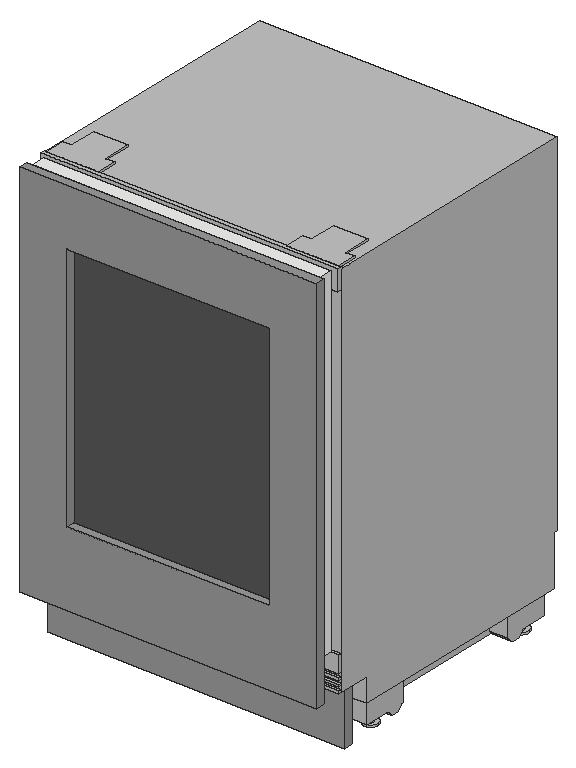
Revit family "FP-Revit19-en-RS2435V2RT1-RS2435V2R1-RS2435SBLT1-RS2435SBL1-IntegratedRefrigerator-0-90003380B-US-CA", category Specialty Equipment, Revit 2020
Family settings
  Round Connector Dimension = Use Diameter
  Part Type = Normal
  OmniClass Number = 23.40.40.11.11
  OmniClass Title = Refrigerators and Freezers
  Work Plane-Based = No
  Always vertical = Yes
  Cut with Voids When Loaded = Yes
  Shared = No
  Room Calculation Point = No
Parameters (values of type "RS2435V2RT1 - Stainless Steel Panel 29 7/8"")
  Visibility - Toe Kick Panel [instance] = yes
  Visibility - Clearance Required RH [instance] = yes
  Visibility - Clearance Required LH [instance] = no
  URL = "www.fisherpaykel.com"
  Minimum Visual Toeckick [instance] = 15 mm
  Stainless Steel Door Panel (with window) [instance] = yes
  Panel - Height = 759 mm
  Panel - Width [instance] = 592 mm
  Panel - Thickness [instance] = 18 mm
  Stainless Steel Door Panel (no window) [instance] = no
  Product - Width = 592 mm  # constant formula
  Product - Height [instance] = ([Cavity - Height (864mm - 920mm)])  # 864 mm
  Product - Depth (exl front panel) = 579 mm  # constant formula
  Model = "RS2435V2RT1"
  Material - Door Structure = Fisher & Paykel - White
  Material - Door Front [instance] = Fisher & Paykel - Stainless Steel
  Material - Body = Fisher & Paykel - Grey
  Manufacturer = "Fisher & Paykel Appliances"
  Handle Style - Professional Round Flush (AHP3RD09) [instance] = no
  Handle Style - Contemporary Square Fine Black (AHD5RD09B) [instance] = no
  Handle Style - Contemporary Square Fine (AHD5RD09) [instance] = no
  Handle Style - Contemporary Round (AHSRD09) [instance] = no
  Handle Style - Classic Round (AHCLRD09) [instance] = no
  Handle Offset = 529 mm
  Description = "24\" Integrated Wine Cabinet"
  Depth of toe kick (excl. door and toe kick panels) [instance] = 70 mm
  Default Elevation = 0 mm
  Custom panel - Height (761mm Minimum) [instance] = 858 mm
  Custom door panel (with window) [instance] = no
  Custom door panel (no window) [instance] = no
  Connector Description - Electrical = "120 V, 60 Hz, 10 A circuit"
  Cavity - Width = 600 mm  # constant formula
  Cavity - Height (864mm - 920mm) [instance] = 864 mm
  Cavity - Depth (600mm min with services external) = 600 mm
Types (13, lengths in mm): name | Visibility - Clearance Required RH | Visibility - Clearance Required LH | Stainless Steel Door Panel (with window) | Panel - Height | Stainless Steel Door Panel (no window) | Product - Height | Model | Material - Door Front | Handle Offset | Description | Custom door panel (with window) | Custom door panel (no window) | Cavity - Height (864mm - 920mm)
  (no name) | yes | no | yes | 759 | no | 864 | "RS2435V2RT1" | Fisher & Paykel - Stainless Steel | 529 | "24\" Integrated Wine Cabinet" | no | no | 864
  RS2435V2RT1 - Stainless Steel Panel 30 3/8" | yes | no | yes | 771 | no | 876 | "RS2435V2RT1" | Fisher & Paykel - Stainless Steel | 529 | "24\" Integrated Wine Cabinet" | no | no | 876
  RS2435BL1 - Stainless Steel Panel 30 3/8" | no | yes | no | 771 | yes | 876 | "RS2435BL1" | Fisher & Paykel - Stainless Steel | 62.95 | "24\" Integrated Beverage Centre" | no | no | 876
  RS2435V2R1 - Stainless Steel Panel 30 3/8" | yes | no | no | 771 | yes | 876 | "RS2435V2R1" | Fisher & Paykel - Stainless Steel | 529 | "24\" Integrated Wine Cabinet" | no | no | 876
  RS2435BLT1 - Stainless Steel Panel 30 3/8" | no | yes | yes | 771 | no | 876 | "RS2435BLT1" | Fisher & Paykel - Stainless Steel | 62.95 | "24\" Integrated Beverage Centre" | no | no | 876
  RS2435BL1 - Custom Door Panel | no | yes | no | 771 | no | 876 | "RS2435BL1" | Oak, White | 62.95 | "24\" Integrated Beverage Centre" | no | yes | 876
  RS2435BLT1 - Custom Door Panel | no | yes | no | 771 | no | 876 | "RS2435BLT1" | Oak, White | 62.95 | "24\" Integrated Beverage Centre" | yes | no | 876
  RS2435V2R1 - Custom Door Panel | yes | no | no | 771 | no | 876 | "RS2435V2R1" | Oak, White | 529 | "24\" Integrated Wine Cabinet" | no | yes | 876
  RS2435V2RT1 - Custom Door Panel | yes | no | no | 771 | no | 876 | "RS2435V2RT1" | Oak, White | 529 | "24\" Integrated Wine Cabinet" | yes | no | 876
  RS2435BL1 - Stainless Steel Panel 29 7/8" | no | yes | no | 759 | yes | 864 | "RS2435BL1" | Fisher & Paykel - Stainless Steel | 62.95 | "24\" Integrated Beverage Centre" | no | no | 864
  RS2435BLT1 - Stainless Steel Panel 29 7/8" | no | yes | yes | 759 | no | 864 | "RS2435BLT1" | Fisher & Paykel - Stainless Steel | 62.95 | "24\" Integrated Beverage Centre" | no | no | 864
  RS2435V2R1 - Stainless Steel Panel 29 7/8" | yes | no | no | 759 | yes | 864 | "RS2435V2R1" | Fisher & Paykel - Stainless Steel | 529 | "24\" Integrated Wine Cabinet" | no | no | 864
  RS2435V2RT1 - Stainless Steel Panel 29 7/8" | yes | no | yes | 759 | no | 864 | "RS2435V2RT1" | Fisher & Paykel - Stainless Steel | 529 | "24\" Integrated Wine Cabinet" | no | no | 864
Reference planes
  plane 1 "Datum": y = 0
  plane 2: z = 0
  plane 3 "Center (Left/Right)": x = 0
  plane 4 "Product LHS": x = -296
  plane 5 "Product RHS": x = 296
  plane 6 "Cavity LHS": x = -300
  plane 7 "Cavity RHS": x = 300
  plane 8 "Cavity - Depth": y = 582
  plane 9 "Cavity Height": z = 864
  plane 10 "Panel Thickness": y = -18
  plane 11 "Base": z = 9.3
  plane 12 "Top of Panel": z = 861
  plane 13 "Product - Depth": y = 579
  plane 14 "handle - offset": x = -233
  plane 15 "Handle - Centre": z = 491
  plane 16 "Bottom of Panel": z = 102
  plane 17: y = 52
  plane 18: y = 70
  plane 19: x = 296
  plane 20: x = -296
  plane 21: z = 873
  plane 22: z = 112
  plane 23: z = 15
  plane 24: z = 3
Forms (mm)
  Extrusion 1, solid, material "Fisher & Paykel - Grey" <- "Material - Body"
    sketch origin (0, 0, 0) x (0, 1, 0) y (0, 0, 1)
      loop
        line (105, 57.3) -> (571, 57.3) -> (571, 157) -> (579, 157) -> (579, 861) -> (43, 861) -> (43, 105) -> (105, 105) -> (105, 57.3)
    from -296 to 296
  Extrusion 2, solid, material "Fisher & Paykel - Grey" <- "Material - Body"
    sketch origin (0, 0, 0) x (1, 0, 0) y (0, 0, 1)
      loop
        circle (87.01, 26.007) r 5
    from -579 to -571
  Extrusion 3, solid, material "Fisher & Paykel - Stainless Steel" <- "Material - Door Front", visible <- "Stainless Steel Door Panel (no window)"
    sketch origin (0, 0, 21.503) x (0, 1, 0) y (0, 0, 1)
      loop
        line (-18, 839.497) -> (-18, 80.497) -> (0, 80.497) -> (0, 839.497) -> (-18, 839.497)
    from -296 to 296
  Extrusion 4, solid, material "Fisher & Paykel - White" <- "Material - Door Structure"
    sketch origin (0, 0, 0) x (1, 0, 0) y (0, 1, 0)
      loop
        line (-286, 29) -> (-286, 1.5) -> (286, 1.5) -> (286, 29) -> (-286, 29)
    from 178.7 to 859.7
  Extrusion 5, solid, material "Fisher & Paykel - White" <- "Material - Door Structure"
    sketch origin (0, 0, 0) x (1, 0, 0) y (0, 1, 0)
      loop
        line (-275, 43) -> (-275, 29) -> (275, 29) -> (275, 43) -> (-275, 43)
    from 179 to 824
  Extrusion 6, solid, material "Fisher & Paykel - Clearance Required", visible <- "Visibility - Clearance Required LH", detail levels coarse
    sketch origin (0, -8.858, 0) x (1, 0, 0) y (0, 1, 0)
      loop
        line (296, -9.142) -> (300, -9.142) -> (300, 590.858) -> (-300, 590.858) -> (-300, -9.142) -> (-539.267, -524.083)
        arc (-539.267, -524.083) -> (23.116, -501.405) -> (296, -9.142) r 574.255
    from 0 to 864
  Extrusion 7, solid, material "Fisher & Paykel - Grey" <- "Material - Body", detail levels fine
    sketch origin (0, 0, 0) x (0, 1, 0) y (0, 0, 1)
      loop
        line (36, 173.6) -> (36, 140.3) -> (43, 140.3) -> (43, 173.6) -> (36, 173.6)
      loop
        line (36, 132.3) -> (36, 128.3) -> (43, 128.3) -> (43, 132.3) -> (36, 132.3)
      loop
        line (36, 109) -> (36, 105) -> (43, 105) -> (43, 109) -> (36, 109)
      loop
        line (36, 120.65) -> (36, 116.65) -> (43, 116.65) -> (43, 120.65) -> (36, 120.65)
      loop
        line (33.9, 864) -> (33.9, 824) -> (43, 824) -> (43, 864) -> (33.9, 864)
    from -296 to 296
  Extrusion 8, solid, material "Fisher & Paykel - Grey" <- "Material - Body"
    sketch origin (0, 0, 0) x (0, 1, 0) y (0, 0, 1)
      loop
        line (105, 57.3) -> (105, 9.3) -> (571, 9.3) -> (571, 57.3) -> (105, 57.3)
    from -256 to 256
  Extrusion 9, solid, material "Fisher & Paykel - Stainless Steel" <- "Material - Door Front", visible <- "Visibility - Toe Kick Panel"
    sketch origin (0, 0, 0) x (0, 1, 0) y (0, 0, 1)
      loop
        line (52, 104.303) -> (52, 0) -> (70, 0) -> (70, 104.303) -> (52, 104.303)
    from -296 to 296
  Extrusion 10, solid, material "Fisher & Paykel - Grey" <- "Material - Body"
    sketch origin (0, 0, 0) x (1, 0, 0) y (0, 1, 0)
      loop
        circle (276, 517.6) r 14.483
      loop
        circle (276, 140.6) r 14.5
      loop
        circle (-276, 517.6) r 14.483
      loop
        circle (-276, 140.6) r 14.5
    from 0 to 3
  Extrusion 11, solid, material "Fisher & Paykel - Grey" <- "Material - Body"
    sketch origin (0, 0, 0) x (1, 0, 0) y (0, 1, 0)
      loop
        circle (276, 517.6) r 5
      loop
        circle (276, 140.6) r 5
      loop
        circle (-276, 517.6) r 5
      loop
        circle (-276, 140.6) r 5
    from 3 to 57.3
  Extrusion 12, solid, material "Fisher & Paykel - Grey" <- "Material - Body", detail levels fine
    sketch origin (0, 0, 0) x (0, 1, 0) y (0, 0, 1)
      loop
        line (70, 65) -> (105, 65) -> (105, 105) -> (70, 105) -> (70, 65)
    from 224 to 226
  Extrusion 13, solid, material "Fisher & Paykel - Grey" <- "Material - Body", detail levels fine
    sketch origin (0, 0, 0) x (0, 1, 0) y (0, 0, -1)
      loop
        line (70, -65) -> (70, -105) -> (105, -105) -> (105, -65) -> (70, -65)
    from 224 to 226
  Extrusion 14, void
    sketch origin (0, 1000, 0) x (1, 0, 0) y (0, 1, 0)
      loop
        line (-300, -418) -> (-300, -1018) -> (300, -1018) -> (300, -418) -> (-300, -418)
    from 0 to 864
  Extrusion 15, solid, material "Fisher & Paykel - Stainless Steel" <- "Material - Door Front", visible <- "Stainless Steel Door Panel (with window)"
    sketch origin (0, 0, -1.5) x (1, 0, 0) y (0, 0, 1)
      loop
        line (-296, 862.5) -> (-296, 103.5) -> (296, 103.5) -> (296, 862.5) -> (-296, 862.5)
      loop
        line (201.95, 253.5) -> (201.95, 749.5) -> (-202, 749.5) -> (-202, 253.5) -> (201.95, 253.5)
    from 0 to 18
  Extrusion 16, solid, material "Fisher & Paykel - Black", visible <- "Stainless Steel Door Panel (with window)"
    sketch origin (0, 0, 0) x (1, 0, 0) y (0, 0, 1)
      loop
        line (201.95, 748) -> (-202, 748) -> (-202, 252) -> (201.95, 252) -> (201.95, 748)
    from 0 to 1
  Extrusion 17, solid, material "Fisher & Paykel - Grey" <- "Material - Body", detail levels medium+fine
    sketch origin (0, 0, 0) x (0, 1, 0) y (0, 0, 1)
      loop
        line (199.6, 57.3) -> (109.6, 57.3) -> (109.6, 16.3) -> (161.9, 16.3)
        arc (161.9, 16.3) -> (179.6, 4.207) -> (197.3, 16.3) r 19
        line (197.3, 16.3) -> (199.6, 16.3) -> (199.6, 57.3)
      loop
        line (460.6, 57.3) -> (460.6, 16.3) -> (462.9, 16.3)
        arc (462.9, 16.3) -> (480.6, 4.207) -> (498.3, 16.3) r 19
        line (498.3, 16.3) -> (550.6, 16.3) -> (550.6, 57.3) -> (460.6, 57.3)
    from 256 to 293
  Extrusion 18, solid, material "Fisher & Paykel - Clearance Required", visible <- "Visibility - Clearance Required RH", detail levels coarse
    sketch origin (0, -8.858, 0) x (-1, 0, 0) y (0, -1, 0)
      loop
        arc (296, 9.142) -> (23.116, 501.405) -> (-539.267, 524.083) r 574.255
        line (-539.267, 524.083) -> (-300, 9.142) -> (-300, -590.858) -> (300, -590.858) -> (300, 9.142) -> (296, 9.142)
    from 0 to 864
  Extrusion 19, solid, material "Fisher & Paykel - Grey" <- "Material - Body"
    sketch origin (0, 0, 0) x (0, 1, 0) y (0, 0, -1)
      loop
        line (199.6, -57.3) -> (199.6, -16.3) -> (197.3, -16.3)
        arc (197.3, -16.3) -> (179.6, -4.207) -> (161.9, -16.3) r 19
        line (161.9, -16.3) -> (109.6, -16.3) -> (109.6, -57.3) -> (199.6, -57.3)
      loop
        line (460.6, -57.3) -> (550.6, -57.3) -> (550.6, -16.3) -> (498.3, -16.3)
        arc (498.3, -16.3) -> (480.6, -4.207) -> (462.9, -16.3) r 19
        line (462.9, -16.3) -> (460.6, -16.3) -> (460.6, -57.3)
    from 256 to 293
  Extrusion 20, solid, material "Fisher & Paykel - Grey" <- "Material - Body"
    sketch origin (0, 0, 864) x (1, 0, 0) y (0, 1, 0)
      loop
        line (-273, 137) -> (-273, 83) -> (-291, 83) -> (-291, 43) -> (-187, 43) -> (-187, 83) -> (-205, 83) -> (-205, 137) -> (-273, 137)
      loop
        line (273, 137) -> (205, 137) -> (205, 83) -> (187, 83) -> (187, 43) -> (291, 43) -> (291, 83) -> (273, 83) -> (273, 137)
    from -3 to 0
  Extrusion 21, solid, material "Fisher & Paykel - Stainless Steel" <- "Material - Door Front", visible <- "Custom door panel (no window)"
    sketch origin (0, 0, -1.5) x (-1, 0, 0) y (0, 0, 1)
      loop
        line (296, 4.5) -> (296, 862.5) -> (-296, 862.5) -> (-296, 4.5) -> (296, 4.5)
    from 0 to -18
  Extrusion 22, solid, material "Fisher & Paykel - Stainless Steel" <- "Material - Door Front", visible <- "Custom door panel (with window)"
    sketch origin (287.4, 1.5, 0) x (-1, 0, 0) y (0, 0, -1)
      loop
        line (-8.6, -3) -> (-8.6, -861) -> (583.4, -861) -> (583.4, -3) -> (-8.6, -3)
      loop
        line (489.4, -748) -> (489.4, -252) -> (85.45, -252) -> (85.45, -748) -> (489.4, -748)
    from 0 to 19.5
  Extrusion 23, void
    sketch origin (223.05, -1524, 15) x (-1, 0, 0) y (0, -1, 0)
      loop
        line (519.05, -1506) -> (-72.95, -1506) -> (-72.95, -1524) -> (519.05, -1524) -> (519.05, -1506)
    from 0 to -15
Cuts and joins
  joined: Extrusion 1, Extrusion 8, Extrusion 20
  Extrusion 23 cuts Extrusion 21
  Extrusion 23 cuts Extrusion 22
Lines and regions (mm)
  model lines, style "Fisher & Paykel", detail levels coarse
    curve 1: line (-296, 579, 864) -> (296, 579, 864)
    curve 2: line (-296, 0, 864) -> (-296, 579, 864)
    curve 3: line (296, 0, 864) -> (-296, 0, 864)
    curve 4: line (296, 579, 864) -> (296, 0, 864)
Text (mm)
  text "Due to ongoing product development, product details are subject to change without notice. \nPlease always refer to www.fisherpaykel.com for the most current product information. \n© Fisher & Paykel 2020" at (41.04, -678.295, 0), in view "Ref. Level (Plan)"
Dimensions and locks
  equal spacing: plane 4 "Product LHS", plane 3 "Center (Left/Right)", plane 5 "Product RHS"
  "Product - Width": plane 4 "Product LHS" to plane 5 "Product RHS"
  equal spacing: plane 6 "Cavity LHS", plane 3 "Center (Left/Right)", plane 7 "Cavity RHS"
  "Cavity - Width": plane 6 "Cavity LHS" to plane 7 "Cavity RHS"
  Extrusion 2 sketch curve to plane 5 "Product RHS" = 208.99 mm
  "Panel - Thickness": plane 17 to Extrusion 9
  "Depth of toe kick (excl. door and toe kick panels)": plane 1 "Datum" to Extrusion 9
  "Panel - Thickness": plane 10 "Panel Thickness" to plane 1 "Datum"
  locked: Extrusion 9 to cut or joined group of Extrusion 1, Extrusion 8, Extrusion 20 at 0.697
  equal spacing: Extrusion 3, plane 3 "Center (Left/Right)", Extrusion 3
  "Cavity - Depth (600mm min with services external)": plane 10 "Panel Thickness" to plane 8 "Cavity - Depth"
  equal spacing: Extrusion 15, plane 3 "Center (Left/Right)", Extrusion 15
  locked: cut or joined group of Extrusion 1, Extrusion 8, Extrusion 20 to plane 9 "Cavity Height" at 3  (x2)
  locked: Extrusion 4 to plane 9 "Cavity Height" at 4.3
  locked: Extrusion 5 to plane 9 "Cavity Height" at 40
  locked: cut or joined group of Extrusion 1, Extrusion 8, Extrusion 20 to plane 11 "Base" at 95.7
  "Product - Depth (exl front panel)": plane 1 "Datum" to plane 13 "Product - Depth"
  "Handle Offset": plane 14 "handle - offset" to plane 5 "Product RHS"
  locked: plane 9 "Cavity Height" to plane 11 "Base" at 854.7
  "Cavity - Height (864mm - 920mm)": plane 9 "Cavity Height" to level
  locked: Extrusion 4 to plane 9 "Cavity Height" at 685.3
  locked: Extrusion 5 to plane 9 "Cavity Height" at 685
  locked: plane 9 "Cavity Height" to Extrusion 7 at 690.4
  plane 15 "Handle - Centre" to plane 12 "Top of Panel" = 370 mm
  plane 12 "Top of Panel" to plane 9 "Cavity Height" = 3 mm
  locked: plane 12 "Top of Panel" to Extrusion 15 at 113
  Extrusion 16 to plane 3 "Center (Left/Right)" to Extrusion 16 = 202 mm locked, 201.95 mm locked
  locked: Extrusion 15 to Extrusion 15 at 496
  "Panel - Height": plane 16 "Bottom of Panel" to plane 12 "Top of Panel"
  locked: Extrusion 20 sketch curve to Extrusion 20 sketch curve at 104  (x2)
  locked: plane 11 "Base" to cut or joined group of Extrusion 1, Extrusion 8, Extrusion 20 at 48
  locked: cut or joined group of Extrusion 1, Extrusion 8, Extrusion 20 to plane 13 "Product - Depth" at 474
  "Panel - Width": plane 20 to plane 19
  plane 21 to plane 22 = 761 mm
  "Minimum Visual Toeckick": plane 23 to Extrusion 18
  "Custom panel - Height (761mm Minimum)": plane 12 "Top of Panel" to plane 24
  radius of Extrusion 2 sketch curve = 5 mm
  aligned and locked: level to plane 2
  aligned and locked: Extrusion 1 to plane 5 "Product RHS"
  aligned and locked: plane 4 "Product LHS" to Extrusion 1
  aligned and locked: Extrusion 2 to cut or joined group of Extrusion 1, Extrusion 8, Extrusion 20
  aligned and locked: Extrusion 8 to plane 11 "Base"
  aligned and locked: Extrusion 12 to cut or joined group of Extrusion 1, Extrusion 8, Extrusion 20  (x2)
  aligned and locked: Extrusion 12 to Extrusion 13
  aligned and locked: plane 6 "Cavity LHS" to Extrusion 14
  aligned and locked: Extrusion 14 to plane 7 "Cavity RHS"
  aligned and locked: Extrusion 14 to plane 9 "Cavity Height"
  aligned and locked: Extrusion 14 to level
  aligned and locked: plane 10 "Panel Thickness" to Extrusion 14
  aligned and locked: plane 8 "Cavity - Depth" to Extrusion 14
  aligned and locked: plane 10 "Panel Thickness" to nested 4
  aligned and locked: Extrusion 5 to Extrusion 4
  aligned and locked: Extrusion 15 to plane 1 "Datum"
  aligned and locked: plane 10 "Panel Thickness" to Extrusion 15
  aligned and locked: Extrusion 15 to plane 12 "Top of Panel"
  aligned and locked: Extrusion 3 to plane 12 "Top of Panel"
  aligned and locked: Extrusion 14 to Extrusion 7
  aligned and locked: Extrusion 7 to Extrusion 5
  aligned and locked: Extrusion 15 to Extrusion 16 sketch curve
  aligned and locked: Extrusion 16 to plane 1 "Datum"
  aligned and locked: Extrusion 1 sketch curve to plane 13 "Product - Depth"
  aligned and locked: plane 14 "handle - offset" to nested 4
  aligned and locked: plane 14 "handle - offset" to nested 3
  aligned and locked: plane 14 "handle - offset" to nested 1
  aligned and locked: plane 14 "handle - offset" to nested 2
  aligned and locked: nested 2 to plane 15 "Handle - Centre"
  aligned and locked: nested 4 to plane 15 "Handle - Centre"
  aligned and locked: nested 3 to plane 15 "Handle - Centre"
  aligned and locked: Extrusion 6 to plane 9 "Cavity Height"
  aligned and locked: nested 1 to plane 15 "Handle - Centre"
  aligned and locked: Extrusion 18 to plane 9 "Cavity Height"
  aligned and locked: Extrusion 19 sketch curve to Extrusion 19 sketch curve
  aligned and locked: Extrusion 18 sketch curve to plane 6 "Cavity LHS"
  aligned and locked: Extrusion 18 sketch curve to plane 8 "Cavity - Depth"
  aligned and locked: plane 7 "Cavity RHS" to Extrusion 18 sketch curve
  aligned and locked: Extrusion 6 to plane 7 "Cavity RHS"
  aligned and locked: plane 8 "Cavity - Depth" to Extrusion 6
  aligned and locked: plane 6 "Cavity LHS" to Extrusion 6
  aligned and locked: Extrusion 16 to Extrusion 15  (x2)
  aligned and locked: Extrusion 12 to Extrusion 9
  aligned and locked: Extrusion 13 to Extrusion 9
  aligned and locked: nested 5 to plane 15 "Handle - Centre"
  aligned and locked: plane 14 "handle - offset" to nested 5
  aligned and locked: plane 16 "Bottom of Panel" to Extrusion 15
  aligned and locked: plane 16 "Bottom of Panel" to Extrusion 3
  aligned and locked: Extrusion 3 to Extrusion 20
  aligned and locked: Extrusion 20 to plane 9 "Cavity Height"
  aligned and locked: Extrusion 11 to cut or joined group of Extrusion 1, Extrusion 8, Extrusion 20
  aligned and locked: Extrusion 17 to cut or joined group of Extrusion 1, Extrusion 8, Extrusion 20  (x2)
  aligned and locked: Extrusion 19 to cut or joined group of Extrusion 1, Extrusion 8, Extrusion 20
  aligned and locked: Extrusion 19 sketch curve to Extrusion 17
  aligned and locked: Extrusion 1 to Extrusion 8
  aligned and locked: Extrusion 13 to cut or joined group of Extrusion 1, Extrusion 8, Extrusion 20
  aligned and locked: plane 10 "Panel Thickness" to nested 2
  aligned and locked: plane 10 "Panel Thickness" to nested 3
  aligned and locked: plane 14 "handle - offset" to nested 6
  aligned and locked: plane 10 "Panel Thickness" to nested 6
  aligned and locked: nested 6 to plane 15 "Handle - Centre"
  aligned and locked: plane 10 "Panel Thickness" to nested 1
  aligned and locked: plane 10 "Panel Thickness" to nested 5
  aligned and locked: cut or joined group of Extrusion 1, Extrusion 8, Extrusion 20 to cut or joined group of Extrusion 1, Extrusion 8, Extrusion 20
  aligned and locked: Extrusion 1 to Extrusion 20  (x2)
  aligned and locked: Extrusion 21 sketch curve to Extrusion 15  (x3)
  aligned and locked: Extrusion 22 sketch curve to Extrusion 15  (x5)
  aligned and locked: Extrusion 22 sketch curve to Extrusion 16
  aligned and locked: Extrusion 14 to Extrusion 22
  aligned and locked: plane 24 to cut or joined group of Extrusion 22, Extrusion 23
  aligned and locked: Extrusion 21 sketch curve to plane 24
  aligned and locked: Extrusion 22 sketch curve to plane 24
Automatic sketch dimensions
  Extrusion 3 sketch curve to plane 10 "Panel Thickness" = 0 mm
  Extrusion 3 sketch curve to plane 1 "Datum" = 0 mm
  plane 12 "Top of Panel" to Extrusion 3 sketch curve = 0 mm
  Extrusion 4 sketch curve to plane 1 "Datum" = 1.5 mm
  Extrusion 4 sketch curve to plane 4 "Product LHS" = 10 mm
  plane 5 "Product RHS" to Extrusion 4 sketch curve = 10 mm
  Extrusion 4 sketch curve to Extrusion 4 sketch curve = 27.5 mm
  Extrusion 5 sketch curve to plane 4 "Product LHS" = 21 mm
  plane 5 "Product RHS" to Extrusion 5 sketch curve = 21 mm
  Extrusion 5 sketch curve to plane 1 "Datum" = 29 mm
  Extrusion 5 sketch curve to Extrusion 5 sketch curve = 14 mm
  plane 9 "Cavity Height" to Extrusion 7 sketch curve = 0 mm
  Extrusion 7 sketch curve to plane 1 "Datum" = 33.9 mm
  Extrusion 7 sketch curve to plane 1 "Datum" = 36 mm
  Extrusion 7 sketch curve to Extrusion 7 sketch curve = 0 mm  (x3)
  Extrusion 7 sketch curve to Extrusion 7 sketch curve = 7 mm  (x4)
  Extrusion 7 sketch curve to Extrusion 7 sketch curve = 9.1 mm
  plane 12 "Top of Panel" to Extrusion 7 sketch curve = 37 mm
  Extrusion 7 sketch curve to Extrusion 7 sketch curve = 33.3 mm
  Extrusion 7 sketch curve to Extrusion 7 sketch curve = 8 mm
  Extrusion 7 sketch curve to Extrusion 7 sketch curve = 4 mm  (x3)
  Extrusion 7 sketch curve to Extrusion 7 sketch curve = 7.65 mm  (x2)
  Extrusion 8 sketch curve to plane 11 "Base" = 0 mm
  Extrusion 8 sketch curve to plane 1 "Datum" = 105 mm
  Extrusion 8 sketch curve to plane 13 "Product - Depth" = 8 mm
  Extrusion 9 sketch curve to level = 0 mm
  Extrusion 9 sketch curve to plane 1 "Datum" = 52 mm
  Extrusion 9 sketch curve to Extrusion 9 sketch curve = 18 mm
  Extrusion 10 sketch curve to plane 4 "Product LHS" = 20 mm  (x2)
  plane 5 "Product RHS" to Extrusion 10 sketch curve = 20 mm  (x2)
  Extrusion 10 sketch curve to plane 1 "Datum" = 140.6 mm  (x2)
  Extrusion 10 sketch curve to plane 13 "Product - Depth" = 61.4 mm  (x2)
  Extrusion 11 sketch curve to plane 4 "Product LHS" = 20 mm  (x2)
  plane 5 "Product RHS" to Extrusion 11 sketch curve = 20 mm  (x2)
  Extrusion 11 sketch curve to plane 1 "Datum" = 140.6 mm  (x2)
  Extrusion 11 sketch curve to plane 13 "Product - Depth" = 61.4 mm  (x2)
  Extrusion 12 sketch curve to plane 1 "Datum" = 70 mm
  Extrusion 12 sketch curve to Extrusion 12 sketch curve = 35 mm
  Extrusion 13 sketch curve to plane 1 "Datum" = 70 mm
  Extrusion 13 sketch curve to Extrusion 13 sketch curve = 35 mm
  Extrusion 14 sketch curve to plane 6 "Cavity LHS" = 0 mm
  Extrusion 14 sketch curve to plane 7 "Cavity RHS" = 0 mm
  plane 10 "Panel Thickness" to Extrusion 14 sketch curve = 0 mm
  Extrusion 14 sketch curve to plane 8 "Cavity - Depth" = 0 mm
  Extrusion 18 sketch curve to plane 4 "Product LHS" = 0 mm
  plane 10 "Panel Thickness" to Extrusion 18 sketch curve = 0 mm  (x2)
  plane 7 "Cavity RHS" to Extrusion 18 sketch curve = 239.267 mm
  Extrusion 18 sketch curve to plane 10 "Panel Thickness" = 3.437 mm
  Extrusion 18 sketch curve to plane 5 "Product RHS" = 17.755 mm
  Extrusion 6 sketch curve to plane 6 "Cavity LHS" = 0 mm
  Extrusion 6 sketch curve to plane 5 "Product RHS" = 0 mm
  Extrusion 6 sketch curve to plane 7 "Cavity RHS" = 0 mm
  plane 10 "Panel Thickness" to Extrusion 6 sketch curve = 0 mm  (x2)
  Extrusion 6 sketch curve to plane 8 "Cavity - Depth" = 0 mm
  plane 10 "Panel Thickness" to Extrusion 6 sketch curve = 3.437 mm
  Extrusion 6 sketch curve to plane 4 "Product LHS" = 17.755 mm
  plane 6 "Cavity LHS" to Extrusion 6 sketch curve = 239.267 mm
  Extrusion 16 sketch curve to plane 4 "Product LHS" = 94 mm
  Extrusion 16 sketch curve to plane 14 "handle - offset" = 434.95 mm
  plane 4 "Product LHS" to Extrusion 15 sketch curve = 0 mm
  plane 5 "Product RHS" to Extrusion 15 sketch curve = 0 mm
  plane 12 "Top of Panel" to Extrusion 15 sketch curve = 0 mm
  Extrusion 15 sketch curve to plane 4 "Product LHS" = 94 mm
  Extrusion 15 sketch curve to plane 14 "handle - offset" = 434.95 mm
  plane 12 "Top of Panel" to Extrusion 15 sketch curve = 113 mm
  plane 11 "Base" to Extrusion 3 sketch curve = 92.7 mm
  plane 11 "Base" to Extrusion 7 sketch curve = 164.3 mm
  Extrusion 8 sketch curve to Extrusion 8 sketch curve = 48 mm
  plane 11 "Base" to Extrusion 9 sketch curve = 95.003 mm
  plane 11 "Base" to Extrusion 12 sketch curve = 55.7 mm
  Extrusion 12 sketch curve to Extrusion 12 sketch curve = 40 mm
  plane 11 "Base" to Extrusion 13 sketch curve = 95.7 mm
  Extrusion 13 sketch curve to Extrusion 13 sketch curve = 40 mm
  plane 15 "Handle - Centre" to Extrusion 15 sketch curve = 239 mm
  plane 11 "Base" to Extrusion 15 sketch curve = 92.7 mm
  plane 15 "Handle - Centre" to Extrusion 16 sketch curve = 239 mm
  Extrusion 20 sketch curve to plane 4 "Product LHS" = 5 mm
  Extrusion 20 sketch curve to Extrusion 20 sketch curve = 18 mm  (x3)
  plane 5 "Product RHS" to Extrusion 20 sketch curve = 23 mm
  Extrusion 20 sketch curve to plane 1 "Datum" = 43 mm  (x2)
  Extrusion 20 sketch curve to Extrusion 20 sketch curve = 40 mm  (x4)
  Extrusion 20 sketch curve to Extrusion 20 sketch curve = 54 mm  (x2)
  plane 5 "Product RHS" to Extrusion 20 sketch curve = 5 mm
  Extrusion 1 sketch curve to plane 13 "Product - Depth" = 8 mm
  plane 16 "Bottom of Panel" to Extrusion 1 sketch curve = 44.7 mm
  Extrusion 1 sketch curve to plane 1 "Datum" = 105 mm
  plane 12 "Top of Panel" to Extrusion 1 sketch curve = 0 mm
  Extrusion 1 sketch curve to plane 1 "Datum" = 43 mm
  Extrusion 1 sketch curve to plane 16 "Bottom of Panel" = 3 mm
  Extrusion 1 sketch curve to plane 16 "Bottom of Panel" = 55 mm
  plane 11 "Base" to Extrusion 2 sketch curve = 16.707 mm
  plane 16 "Bottom of Panel" to Extrusion 17 sketch curve = 44.7 mm  (x2)
  Extrusion 17 sketch curve to plane 1 "Datum" = 109.6 mm
  plane 11 "Base" to Extrusion 17 sketch curve = 7 mm  (x4)
  Extrusion 17 sketch curve to Extrusion 17 sketch curve = 52.3 mm
  plane 11 "Base" to Extrusion 17 sketch curve = 13.907 mm  (x2)
  Extrusion 17 sketch curve to Extrusion 17 sketch curve = 17.7 mm  (x2)
  Extrusion 17 sketch curve to Extrusion 17 sketch curve = 2.3 mm  (x2)
  Extrusion 17 sketch curve to plane 13 "Product - Depth" = 118.4 mm
  Extrusion 17 sketch curve to plane 13 "Product - Depth" = 28.4 mm
  plane 16 "Bottom of Panel" to Extrusion 19 sketch curve = 44.7 mm
  Extrusion 19 sketch curve to plane 1 "Datum" = 109.6 mm
  plane 11 "Base" to Extrusion 19 sketch curve = 7 mm  (x4)
  Extrusion 19 sketch curve to Extrusion 19 sketch curve = 52.3 mm
  plane 11 "Base" to Extrusion 19 sketch curve = 13.907 mm  (x2)
  Extrusion 19 sketch curve to Extrusion 19 sketch curve = 17.7 mm  (x2)
  Extrusion 19 sketch curve to Extrusion 19 sketch curve = 2.3 mm  (x2)
  Extrusion 19 sketch curve to plane 13 "Product - Depth" = 118.4 mm
  plane 1 "Datum" to curve 3 = 0 mm
  curve 3 to plane 4 "Product LHS" = 0 mm
  curve 2 to plane 13 "Product - Depth" = 0 mm
  curve 3 to plane 5 "Product RHS" = 0 mm
  Extrusion 4 to Extrusion 22 sketch curve = 10 mm
  Extrusion 23 sketch curve to plane 5 "Product RHS" = 0 mm
  plane 1 "Datum" to Extrusion 23 sketch curve = 0 mm
  Extrusion 23 sketch curve to plane 4 "Product LHS" = 0 mm
  plane 10 "Panel Thickness" to Extrusion 23 sketch curve = 0 mm
  radius of Extrusion 10 sketch curve = 14.483 mm  (x2)
  radius of Extrusion 10 sketch curve = 14.5 mm  (x2)
  radius of Extrusion 11 sketch curve = 5 mm  (x4)
Nested families
  nested 1: "F&P Handle Kit - Contemporary Square Fine - Vertical" at (-233, -18, 491), visible <- "Handle Style - Contemporary Square Fine (AHD5RD09)", type "AHD5RD09 - Contemporary square fine handle (vertical) 494mm"
  nested 2: "F&P Handle Kit - Professional Round Flush - Vertical" at (-233, -18, 491), visible <- "Handle Style - Professional Round Flush (AHP3RD09)", type "AHP3RD09 - Professional round flush handle (vertical) 444mm"
  nested 3: "F&P Handle Kit - Contemporary Round - Vertical" at (-233, -18, 491), visible <- "Handle Style - Contemporary Round (AHSRD09)", type "AHSRD09 - Contemporary round handle (vertical) 494mm"
  nested 4: "F&P Handle Kit - Classic Round - Vertical" at (-233, -18, 491), visible <- "Handle Style - Classic Round (AHCLRD09)", type "AHCLRD09 - Classic round handle (vertical) 494mm"
  nested 5: "F&P Handle Kit - Contemporary Square Fine - Vertical" at (-233, -18, 491), visible <- "Handle Style - Contemporary Square Fine Black (AHD5RD09B)", type "AHD5RD09B - Contemporary square fine handle Black (vertical) 494mm"
  nested 6: "F&P Handle Kit - Classic Round - Vertical" at (-233, -18, 491), visible <- "Handle Style - Classic Round (AHCLRD09)", type "AHCLRD09 - Classic round handle (vertical) 494mm"
Connectors
  electrical at (87.01, 579, 26.007), driven by "Connector Description - Electrical"
    settings: on Extrusion 2, index 1, voltage 230 V, apparent load 0 VA, apparent load phase1 0 VA, apparent load phase2 0 VA, apparent load phase3 0 VA, power factor 1, load classification "Other", number of poles 1, system type 30, power factor state 1, is connector primary yes, connector utility no, sub classification motor no, connector description "120 V, 60 Hz, 10 A circuit"
Definition of nested family "F&P Handle Kit - Contemporary Square Fine - Vertical"
  Parameters (values of type "AHD5RD09B - Contemporary square fine handle Black (vertical) 494mm")
    URL = "www.fisherpaykel.com"
    Material - Handle = none
    Manufacturer = "Fisher & Paykel Appliances"
    Handle - Length = 494 mm
    Default Elevation = 0 mm
  Types (2): name
    AHD5RD09 - Contemporary square fine handle (vertical) 494mm
    AHD5RD09B - Contemporary square fine handle Black (vertical) 494mm
  Reference planes
    plane 1 "Center (Front/Back)": y = 0
    plane 2: z = 0
    plane 3 "Center (Left/Right)": x = 0
    plane 4 "Top": z = 247
    plane 5 "Bottom": z = -247
    plane 6 "Top Standoff": z = 127
    plane 7 "Bottom Standoff": z = -127
  Forms (mm)
    Extrusion 1, solid, material <- "Material - Handle", detail levels fine
      sketch origin (0, 0, 0) x (1, 0, 0) y (0, 1, 0)
        loop
          arc (-6.16, -26.813) -> (-6.554, -27.196) -> (-6.686, -27.728) r 1
          line (-6.686, -27.728) -> (-6.256, -40.035)
          arc (-6.256, -40.035) -> (-5.951, -40.719) -> (-5.257, -41) r 1
          line (-5.257, -41) -> (5.257, -41)
          arc (5.257, -41) -> (5.951, -40.719) -> (6.256, -40.035) r 1
          line (6.256, -40.035) -> (6.686, -27.709)
          arc (6.686, -27.709) -> (6.554, -27.175) -> (6.158, -26.792) r 1
          arc (6.158, -26.792) -> (-0.004, -25.256) -> (-6.16, -26.813) r 13.038
      from -247 to 247
    Extrusion 2, solid, material <- "Material - Handle", detail levels fine
      sketch origin (0, 0, 0) x (1, 0, 0) y (0, 1, 0)
        loop
          arc (6.012, -26.626) -> (6.494, -26.614) -> (6.741, -26.2) r 0.5
          line (6.741, -26.2) -> (7.7, 0) -> (-7.7, 0) -> (-6.742, -26.174)
          arc (-6.742, -26.174) -> (-6.496, -26.587) -> (-6.015, -26.6) r 0.5
          arc (-6.015, -26.6) -> (0.002, -25.156) -> (6.012, -26.626) r 13.136
      from 127 to 247
    Extrusion 3, solid, material <- "Material - Handle", detail levels coarse+medium
      sketch origin (0, 0, 0) x (0, 1, 0) y (0, 0, 1)
        loop
          line (0, 247) -> (-42, 247) -> (-42, -247) -> (0, -247) -> (0, -127) -> (-26.245, -127) -> (-26.245, 127) -> (0, 127) -> (0, 247)
      from -8 to 8
    Extrusion 4, solid, material <- "Material - Handle", detail levels fine
      sketch origin (0, 0, 0) x (1, 0, 0) y (0, 1, 0)
        loop
          arc (6.012, -26.626) -> (6.494, -26.614) -> (6.741, -26.2) r 0.5
          line (6.741, -26.2) -> (7.7, 0) -> (-7.7, 0) -> (-6.742, -26.174)
          arc (-6.742, -26.174) -> (-6.496, -26.587) -> (-6.015, -26.6) r 0.5
          arc (-6.015, -26.6) -> (0.002, -25.156) -> (6.012, -26.626) r 13.136
      from -247 to -127
  Dimensions and locks
    equal spacing: plane 4 "Top", level, plane 5 "Bottom"
    "Handle - Length": plane 4 "Top" to plane 5 "Bottom"
    locked: plane 4 "Top" to plane 6 "Top Standoff" at 120
    locked: plane 7 "Bottom Standoff" to plane 5 "Bottom" at 120
    aligned and locked: level to plane 2
    aligned and locked: plane 4 "Top" to Extrusion 2
    aligned and locked: Extrusion 2 to plane 6 "Top Standoff"
    aligned and locked: plane 4 "Top" to Extrusion 1
    aligned and locked: Extrusion 1 to plane 5 "Bottom"
    aligned and locked: plane 4 "Top" to Extrusion 3 sketch curve
    aligned and locked: plane 6 "Top Standoff" to Extrusion 3 sketch curve
    aligned and locked: plane 7 "Bottom Standoff" to Extrusion 3 sketch curve
    aligned and locked: plane 5 "Bottom" to Extrusion 3 sketch curve
    aligned and locked: Extrusion 4 to plane 5 "Bottom"
    aligned and locked: plane 7 "Bottom Standoff" to Extrusion 4
  Automatic sketch dimensions
    Extrusion 1 sketch curve to plane 3 "Center (Left/Right)" = 6.686 mm
    Extrusion 1 sketch curve to plane 3 "Center (Left/Right)" = 6.256 mm
    Extrusion 1 sketch curve to Extrusion 1 sketch curve = 0.999 mm  (x4)
    plane 3 "Center (Left/Right)" to Extrusion 1 sketch curve = 0.018 mm
    plane 3 "Center (Left/Right)" to Extrusion 1 sketch curve = 5.257 mm
    plane 3 "Center (Left/Right)" to Extrusion 1 sketch curve = 5.687 mm
    plane 1 "Center (Front/Back)" to Extrusion 1 sketch curve = 41 mm
    Extrusion 1 sketch curve to Extrusion 1 sketch curve = 0.965 mm  (x2)
    Extrusion 1 sketch curve to Extrusion 1 sketch curve = 1.706 mm
    Extrusion 1 sketch curve to Extrusion 1 sketch curve = 12.307 mm
    Extrusion 1 sketch curve to Extrusion 1 sketch curve = 12.326 mm
    Extrusion 1 sketch curve to Extrusion 1 sketch curve = 0.035 mm  (x2)
    Extrusion 1 sketch curve to Extrusion 1 sketch curve = 0 mm
    plane 1 "Center (Front/Back)" to Extrusion 2 sketch curve = 0 mm
    Extrusion 2 sketch curve to plane 3 "Center (Left/Right)" = 7.7 mm
    Extrusion 2 sketch curve to plane 3 "Center (Left/Right)" = 6.742 mm
    Extrusion 2 sketch curve to Extrusion 2 sketch curve = 0.5 mm  (x2)
    Extrusion 2 sketch curve to plane 3 "Center (Left/Right)" = 0.026 mm
    plane 3 "Center (Left/Right)" to Extrusion 2 sketch curve = 6.242 mm
    plane 3 "Center (Left/Right)" to Extrusion 2 sketch curve = 7.7 mm
    plane 1 "Center (Front/Back)" to Extrusion 2 sketch curve = 26.155 mm
    Extrusion 2 sketch curve to Extrusion 2 sketch curve = 0.018 mm  (x2)
    Extrusion 2 sketch curve to Extrusion 2 sketch curve = 0.026 mm
    Extrusion 2 sketch curve to Extrusion 2 sketch curve = 12.11 mm
    Extrusion 2 sketch curve to Extrusion 2 sketch curve = 0 mm
    plane 1 "Center (Front/Back)" to Extrusion 3 sketch curve = 42 mm
    Extrusion 3 sketch curve to Extrusion 3 sketch curve = 15.755 mm
    Extrusion 3 sketch curve to Extrusion 3 sketch curve = 42 mm  (x2)
    Extrusion 4 sketch curve to plane 3 "Center (Left/Right)" = 7.7 mm
    Extrusion 4 sketch curve to plane 3 "Center (Left/Right)" = 6.742 mm
    Extrusion 4 sketch curve to Extrusion 4 sketch curve = 0.5 mm  (x2)
    Extrusion 4 sketch curve to plane 3 "Center (Left/Right)" = 0.026 mm
    plane 3 "Center (Left/Right)" to Extrusion 4 sketch curve = 6.242 mm
    plane 3 "Center (Left/Right)" to Extrusion 4 sketch curve = 7.7 mm
    plane 1 "Center (Front/Back)" to Extrusion 4 sketch curve = 38.291 mm
    Extrusion 4 sketch curve to Extrusion 4 sketch curve = 12.091 mm
    Extrusion 4 sketch curve to Extrusion 4 sketch curve = 0.018 mm  (x2)
    Extrusion 4 sketch curve to Extrusion 4 sketch curve = 0.452 mm
    Extrusion 4 sketch curve to Extrusion 4 sketch curve = 26.174 mm
    Extrusion 4 sketch curve to Extrusion 4 sketch curve = 0 mm
Definition of nested family "F&P Handle Kit - Professional Round Flush - Vertical"
  Parameters (values of type "AHP3RD09 - Professional round flush handle (vertical) 444mm")
    URL = "www.fisherpaykel.com"
    Material - Handle = none
    Manufacturer = "Fisher & Paykel Appliances"
    Handle - Length = 444 mm
    Default Elevation = 0 mm
  Reference planes
    plane 1 "Center (Front/Back)": y = 0
    plane 2: z = 0
    plane 3 "Center (Left/Right)": x = 0
    plane 4 "Top": z = 222
    plane 5 "Bottom": z = -222
    plane 6 "Top Standoff": z = 162
    plane 7 "Bottom Standoff": z = -162
  Forms (mm)
    Extrusion 1, solid, material <- "Material - Handle", detail levels fine
      sketch origin (0, 0, 0) x (1, 0, 0) y (0, 1, 0)
        loop
          arc (-12.817, -46.665) -> (0, -58.016) -> (12.817, -46.665) r 12.912
          line (12.817, -46.665) -> (18.5, 0) -> (-18.5, 0) -> (-12.817, -46.665)
      from 162 to 222
    Extrusion 2, solid, material <- "Material - Handle", detail levels fine
      sketch origin (0, 0, 0) x (1, 0, 0) y (0, 1, 0)
        loop
          arc (-12.817, -46.665) -> (0, -58.016) -> (12.817, -46.665) r 12.912
          line (12.817, -46.665) -> (18.5, 0) -> (-18.5, 0) -> (-12.817, -46.665)
      from -222 to -162
    Extrusion 3, solid, material <- "Material - Handle"
      sketch origin (0, 0, 0) x (1, 0, 0) y (0, 1, 0)
        loop
          circle (0, -45.116) r 12.7
      from -162 to 162
    Sweep 4, void
      path in 3D
        loop
          line (18.5, 0, 222) -> (12.817, -46.665, 222)
          arc (12.817, -46.665, 222) -> (0, -58.016, 222) -> (-12.817, -46.665, 222) r 12.912
          line (-12.817, -46.665, 222) -> (-18.5, 0, 222)
      profile origin (0, -58.016, 222) x (0, -1, 0) y (0, 0, 1)
        loop
          line (0, 0) -> (-1.5, 0) -> (0, -1.5) -> (0, 0)
    Sweep 5, void
      path in 3D
        loop
          line (-18.5, 0, -222) -> (-12.817, -46.665, -222)
          arc (-12.817, -46.665, -222) -> (0, -58.016, -222) -> (12.817, -46.665, -222) r 12.912
          line (12.817, -46.665, -222) -> (18.5, 0, -222)
      profile origin (0, -58.016, -222) x (0, -1, 0) y (0, 0, -1)
        loop
          line (0, 0) -> (-1.5, 0) -> (0, -1.5) -> (0, 0)
    Extrusion 6, solid, material <- "Material - Handle", detail levels coarse+medium
      sketch origin (0, 0, 0) x (1, 0, 0) y (0, 1, 0)
        loop
          arc (-12.817, -46.665) -> (0, -58.016) -> (12.817, -46.665) r 12.912
          line (12.817, -46.665) -> (18.5, 0) -> (-18.5, 0) -> (-12.817, -46.665)
      from 162 to 222
    Extrusion 7, solid, material <- "Material - Handle", detail levels coarse+medium
      sketch origin (0, 0, 0) x (1, 0, 0) y (0, 1, 0)
        loop
          arc (-12.817, -46.665) -> (0, -58.016) -> (12.817, -46.665) r 12.912
          line (12.817, -46.665) -> (18.5, 0) -> (-18.5, 0) -> (-12.817, -46.665)
      from -222 to -162
  Cuts and joins
    Sweep 4 cuts Extrusion 1
    Sweep 5 cuts Extrusion 2
  Lines and regions (mm)
    sketch lines
      curve 1: arc (12.817, -46.665, 222) -> (0, -58.016, 222) -> (-12.817, -46.665, 222) r 12.912
      curve 2: line (12.817, -46.665, 222) -> (18.5, 0, 222)
      curve 3: line (-18.5, 0, 222) -> (-12.817, -46.665, 222)
      curve 4: arc (-12.817, -46.665, -222) -> (0, -58.016, -222) -> (12.817, -46.665, -222) r 12.912
      curve 5: line (18.5, 0, -222) -> (12.817, -46.665, -222)
      curve 6: line (-12.817, -46.665, -222) -> (-18.5, 0, -222)
  Dimensions and locks
    equal spacing: plane 4 "Top", level, plane 5 "Bottom"
    "Handle - Length": plane 4 "Top" to plane 5 "Bottom"
    plane 4 "Top" to plane 6 "Top Standoff" = 60 mm
    plane 7 "Bottom Standoff" to plane 5 "Bottom" = 60 mm
    aligned and locked: level to plane 2
    aligned and locked: plane 4 "Top" to Extrusion 1
    aligned and locked: Extrusion 1 to plane 6 "Top Standoff"
    aligned and locked: Extrusion 2 to plane 5 "Bottom"
    aligned and locked: plane 1 "Center (Front/Back)" to Extrusion 2 sketch curve
    aligned and locked: plane 6 "Top Standoff" to Extrusion 3
    aligned and locked: Extrusion 3 to plane 7 "Bottom Standoff"
    aligned and locked: Extrusion 6 to cut or joined group of Extrusion 1, Sweep 4
    aligned and locked: Extrusion 7 to cut or joined group of Extrusion 2, Sweep 5
    aligned and locked: plane 7 "Bottom Standoff" to Extrusion 7
    aligned and locked: plane 7 "Bottom Standoff" to cut or joined group of Extrusion 2, Sweep 5
    aligned and locked: Extrusion 6 to plane 6 "Top Standoff"
    aligned and locked: cut or joined group of Extrusion 1, Sweep 4 to plane 6 "Top Standoff"
  Automatic sketch dimensions
    plane 1 "Center (Front/Back)" to Extrusion 1 sketch curve = 0 mm
    Extrusion 1 sketch curve to plane 3 "Center (Left/Right)" = 0 mm
    Extrusion 1 sketch curve to plane 3 "Center (Left/Right)" = 12.817 mm
    Extrusion 1 sketch curve to plane 3 "Center (Left/Right)" = 18.5 mm
    plane 3 "Center (Left/Right)" to Extrusion 1 sketch curve = 12.817 mm
    plane 3 "Center (Left/Right)" to Extrusion 1 sketch curve = 18.5 mm
    plane 1 "Center (Front/Back)" to Extrusion 1 sketch curve = 45.104 mm
    Extrusion 1 sketch curve to Extrusion 1 sketch curve = 1.561 mm
    Extrusion 2 sketch curve to plane 3 "Center (Left/Right)" = 0 mm
    Extrusion 2 sketch curve to plane 3 "Center (Left/Right)" = 12.817 mm
    Extrusion 2 sketch curve to plane 3 "Center (Left/Right)" = 18.5 mm
    plane 3 "Center (Left/Right)" to Extrusion 2 sketch curve = 12.817 mm
    plane 3 "Center (Left/Right)" to Extrusion 2 sketch curve = 18.5 mm
    plane 1 "Center (Front/Back)" to Extrusion 2 sketch curve = 45.104 mm
    Extrusion 2 sketch curve to Extrusion 2 sketch curve = 1.561 mm
    Extrusion 3 sketch curve to plane 3 "Center (Left/Right)" = 0 mm
    plane 1 "Center (Front/Back)" to Extrusion 3 sketch curve = 45.116 mm
    Sweep 4 sketch curve to profile plane = 0 mm  (x2)
    profile plane to Sweep 4 sketch curve = 1.5 mm
    Sweep 4 sketch curve to profile plane = 1.5 mm
    profile plane to Sweep 5 sketch curve = 0 mm
    Sweep 5 sketch curve to profile plane = 0 mm
    profile plane to Sweep 5 sketch curve = 1.5 mm
    Sweep 5 sketch curve to profile plane = 1.5 mm
    Extrusion 6 sketch curve to plane 3 "Center (Left/Right)" = 0 mm
    Extrusion 6 sketch curve to plane 3 "Center (Left/Right)" = 12.817 mm
    Extrusion 6 sketch curve to plane 3 "Center (Left/Right)" = 18.5 mm
    plane 3 "Center (Left/Right)" to Extrusion 6 sketch curve = 12.817 mm
    plane 3 "Center (Left/Right)" to Extrusion 6 sketch curve = 18.5 mm
    plane 1 "Center (Front/Back)" to Extrusion 6 sketch curve = 46.665 mm
    Extrusion 6 sketch curve to Extrusion 6 sketch curve = 1.561 mm
    Extrusion 6 sketch curve to Extrusion 6 sketch curve = 46.665 mm
    Extrusion 7 sketch curve to plane 3 "Center (Left/Right)" = 0 mm
    Extrusion 7 sketch curve to plane 3 "Center (Left/Right)" = 12.817 mm
    Extrusion 7 sketch curve to plane 3 "Center (Left/Right)" = 18.5 mm
    plane 3 "Center (Left/Right)" to Extrusion 7 sketch curve = 12.817 mm
    plane 3 "Center (Left/Right)" to Extrusion 7 sketch curve = 18.5 mm
    plane 1 "Center (Front/Back)" to Extrusion 7 sketch curve = 46.665 mm
    Extrusion 7 sketch curve to Extrusion 7 sketch curve = 1.561 mm
    Extrusion 7 sketch curve to Extrusion 7 sketch curve = 46.665 mm
    radius of Extrusion 3 sketch curve = 12.7 mm
Definition of nested family "F&P Handle Kit - Contemporary Round - Vertical"
  Parameters (values of type "AHSRD09 - Contemporary round handle (vertical) 494mm")
    URL = "www.fisherpaykel.com"
    Material - Handle = none
    Manufacturer = "Fisher & Paykel Appliances"
    Keynote = ""
    Handle Standoff - Length = 120 mm
    Handle - Length = 494 mm
    Description = ""
    Default Elevation = 0 mm
  Reference planes
    plane 1 "Center (Front/Back)": y = 0
    plane 2: z = 0
    plane 3 "Center (Left/Right)": x = 0
    plane 4 "Top": z = 247
    plane 5 "Bottom": z = -247
    plane 6 "Top Standoff": z = 127
    plane 7 "Bottom Standoff": z = -127
  Forms (mm)
    Extrusion 1, solid, material <- "Material - Handle"
      sketch origin (0, 0, 0) x (1, 0, 0) y (0, 1, 0)
        loop
          circle (0, -32.3) r 8.7
      from -127 to 127
    Extrusion 2, solid, material <- "Material - Handle", detail levels fine
      sketch origin (0, 0, 0) x (1, 0, 0) y (0, 1, 0)
        loop
          line (-8.7, 0) -> (-8.7, -32.3)
          arc (-8.7, -32.3) -> (0, -41) -> (8.7, -32.3) r 8.7
          line (8.7, -32.3) -> (8.7, 0) -> (-8.7, 0)
      from 127 to 247
    Extrusion 3, solid, material <- "Material - Handle", detail levels fine
      sketch origin (0, 0, 0) x (1, 0, 0) y (0, 1, 0)
        loop
          line (-8.7, 0) -> (-8.7, -32.3)
          arc (-8.7, -32.3) -> (0, -41) -> (8.7, -32.3) r 8.7
          line (8.7, -32.3) -> (8.7, 0) -> (-8.7, 0)
      from -247 to -127
    Sweep 4, void
      path in 3D
        loop
          line (8.7, 0, -247) -> (8.7, -32.3, -247)
          arc (8.7, -32.3, -247) -> (0, -41, -247) -> (-8.7, -32.3, -247) r 8.7
          line (-8.7, -32.3, -247) -> (-8.7, 0, -247)
      profile origin (8.7, -16.15, -247) x (-1, 0, 0) y (0, 0, -1)
        loop
          line (0, 0) -> (0, -1) -> (1, 0) -> (0, 0)
    Sweep 5, void
      path in 3D
        loop
          line (-8.7, 0, 247) -> (-8.7, -32.3, 247)
          arc (-8.7, -32.3, 247) -> (0, -41, 247) -> (8.7, -32.3, 247) r 8.7
          line (8.7, -32.3, 247) -> (8.7, 0, 247)
      profile origin (8.7, -16.15, 247) x (-1, 0, 0) y (0, 0, 1)
        loop
          line (0, 0) -> (0, -1) -> (1, 0) -> (0, 0)
    Extrusion 6, solid, material <- "Material - Handle", detail levels coarse+medium
      sketch origin (0, 0, 0) x (1, 0, 0) y (0, 1, 0)
        loop
          line (-8.7, 0) -> (-8.7, -32.3)
          arc (-8.7, -32.3) -> (0, -41) -> (8.7, -32.3) r 8.7
          line (8.7, -32.3) -> (8.7, 0) -> (-8.7, 0)
      from 127 to 247
    Extrusion 7, solid, material <- "Material - Handle", detail levels coarse+medium
      sketch origin (0, 0, 0) x (1, 0, 0) y (0, 1, 0)
        loop
          line (-8.7, 0) -> (-8.7, -32.3)
          arc (-8.7, -32.3) -> (0, -41) -> (8.7, -32.3) r 8.7
          line (8.7, -32.3) -> (8.7, 0) -> (-8.7, 0)
      from -247 to -127
  Cuts and joins
    Sweep 4 cuts Extrusion 3
    Sweep 5 cuts Extrusion 2
  Lines and regions (mm)
    sketch lines
      curve 1: line (8.7, 0, -247) -> (8.7, -32.3, -247)
      curve 2: arc (-8.7, -32.3, -247) -> (0, -41, -247) -> (8.7, -32.3, -247) r 8.7
      curve 3: line (-8.7, -32.3, -247) -> (-8.7, 0, -247)
      curve 4: line (8.7, -32.3, 247) -> (8.7, 0, 247)
      curve 5: arc (8.7, -32.3, 247) -> (0, -41, 247) -> (-8.7, -32.3, 247) r 8.7
      curve 6: line (-8.7, 0, 247) -> (-8.7, -32.3, 247)
  Dimensions and locks
    equal spacing: plane 4 "Top", level, plane 5 "Bottom"
    "Handle - Length": plane 4 "Top" to plane 5 "Bottom"
    "Handle Standoff - Length": plane 4 "Top" to plane 6 "Top Standoff"
    "Handle Standoff - Length": plane 7 "Bottom Standoff" to plane 5 "Bottom"
    Extrusion 2 sketch curve to Extrusion 2 sketch curve = 17.4 mm
    Extrusion 3 sketch curve to Extrusion 3 sketch curve = 17.4 mm
    Extrusion 6 sketch curve to Extrusion 6 sketch curve = 17.4 mm
    Extrusion 7 sketch curve to Extrusion 7 sketch curve = 17.4 mm
    aligned and locked: level to plane 2
    aligned and locked: plane 4 "Top" to Extrusion 2
    aligned and locked: Extrusion 3 to plane 5 "Bottom"
    aligned and locked: plane 7 "Bottom Standoff" to Extrusion 3
    aligned and locked: Extrusion 1 to plane 7 "Bottom Standoff"
    aligned and locked: plane 6 "Top Standoff" to Extrusion 1
    aligned and locked: Extrusion 2 to Extrusion 1
    aligned and locked: Extrusion 6 to Extrusion 1
    aligned and locked: plane 4 "Top" to Extrusion 6
    aligned and locked: Extrusion 7 to Extrusion 1
    aligned and locked: Extrusion 7 to plane 5 "Bottom"
  Automatic sketch dimensions
    Extrusion 1 sketch curve to plane 3 "Center (Left/Right)" = 0 mm
    plane 1 "Center (Front/Back)" to Extrusion 1 sketch curve = 32.3 mm
    plane 1 "Center (Front/Back)" to Extrusion 2 sketch curve = 0 mm
    Extrusion 2 sketch curve to plane 3 "Center (Left/Right)" = 0 mm
    Extrusion 2 sketch curve to plane 3 "Center (Left/Right)" = 8.7 mm
    plane 1 "Center (Front/Back)" to Extrusion 2 sketch curve = 32.3 mm
    plane 1 "Center (Front/Back)" to Extrusion 3 sketch curve = 0 mm
    Extrusion 3 sketch curve to plane 3 "Center (Left/Right)" = 0 mm
    Extrusion 3 sketch curve to plane 3 "Center (Left/Right)" = 8.7 mm
    plane 1 "Center (Front/Back)" to Extrusion 3 sketch curve = 32.3 mm
    Sweep 4 sketch curve to profile plane = 0 mm  (x2)
    Sweep 4 sketch curve to profile plane = 1 mm  (x2)
    Sweep 5 sketch curve to profile plane = 0 mm  (x2)
    Sweep 5 sketch curve to profile plane = 1 mm  (x2)
    Extrusion 6 sketch curve to plane 3 "Center (Left/Right)" = 0 mm
    Extrusion 6 sketch curve to plane 3 "Center (Left/Right)" = 8.7 mm
    plane 1 "Center (Front/Back)" to Extrusion 6 sketch curve = 32.3 mm
    Extrusion 6 sketch curve to Extrusion 6 sketch curve = 32.3 mm
    Extrusion 7 sketch curve to plane 3 "Center (Left/Right)" = 0 mm
    Extrusion 7 sketch curve to plane 3 "Center (Left/Right)" = 8.7 mm
    plane 1 "Center (Front/Back)" to Extrusion 7 sketch curve = 32.3 mm
    Extrusion 7 sketch curve to Extrusion 7 sketch curve = 32.3 mm
    radius of Extrusion 1 sketch curve = 8.7 mm
Definition of nested family "F&P Handle Kit - Classic Round - Vertical"
  Parameters (values of type "AHCLRD09 - Classic round handle (vertical) 494mm")
    URL = "www.fisherpaykel.com"
    Material - Handle = none
    Manufacturer = "Fisher & Paykel Appliances"
    Keynote = ""
    Handle Standoff - Length = 80 mm
    Handle - Length = 494 mm
    Description = ""
    Default Elevation = 0 mm
  Reference planes
    plane 1 "Center (Front/Back)": y = 0
    plane 2: z = 0
    plane 3 "Center (Left/Right)": x = 0
    plane 4 "Top": z = 247
    plane 5 "Bottom": z = -247
    plane 6 "Top Standoff": z = 167
    plane 7 "Bottom Standoff": z = -167
  Forms (mm)
    Extrusion 1, solid, material <- "Material - Handle"
      sketch origin (0, 0, 0) x (1, 0, 0) y (0, 1, 0)
        loop
          circle (0, -44.923) r 10
      from -167 to 167
    Extrusion 2, solid, material <- "Material - Handle", detail levels fine
      sketch origin (0, 0, 0) x (1, 0, 0) y (0, 1, 0)
        loop
          line (-10.498, 0) -> (-10.498, -44.923)
          arc (-10.498, -44.923) -> (0, -55.422) -> (10.498, -44.923) r 10.498
          line (10.498, -44.923) -> (10.498, 0) -> (-10.498, 0)
      from 167 to 247
    Extrusion 3, solid, material <- "Material - Handle", detail levels fine
      sketch origin (0, 0, 0) x (1, 0, 0) y (0, 1, 0)
        loop
          arc (-10.498, -44.923) -> (0, -55.422) -> (10.498, -44.923) r 10.498
          line (10.498, -44.923) -> (10.498, 0) -> (-10.498, 0) -> (-10.498, -44.923)
      from -247 to -167
    Sweep 4, void
      path in 3D
        loop
          line (-10.498, 0, 247) -> (-10.498, -44.923, 247)
          arc (-10.498, -44.923, 247) -> (0, -55.422, 247) -> (10.498, -44.923, 247) r 10.498
          line (10.498, -44.923, 247) -> (10.498, 0, 247)
      profile origin (10.498, -22.462, 247) x (-1, 0, 0) y (0, 0, 1)
        loop
          line (0, 0) -> (0, -1.5) -> (1.5, 0) -> (0, 0)
    Sweep 5, void
      path in 3D
        loop
          line (10.498, 0, -247) -> (10.498, -44.923, -247)
          arc (10.498, -44.923, -247) -> (0, -55.422, -247) -> (-10.498, -44.923, -247) r 10.498
          line (-10.498, -44.923, -247) -> (-10.498, 0, -247)
      profile origin (10.498, -22.462, -247) x (-1, 0, 0) y (0, 0, -1)
        loop
          line (0, 0) -> (0, -1.5) -> (1.5, 0) -> (0, 0)
    Extrusion 6, solid, material <- "Material - Handle", detail levels coarse+medium
      sketch origin (0, 0, 0) x (1, 0, 0) y (0, 1, 0)
        loop
          line (-10.498, 0) -> (-10.498, -44.923)
          arc (-10.498, -44.923) -> (0, -55.422) -> (10.498, -44.923) r 10.498
          line (10.498, -44.923) -> (10.498, 0) -> (-10.498, 0)
      from 167 to 247
    Extrusion 7, solid, material <- "Material - Handle", detail levels coarse+medium
      sketch origin (0, 0, 0) x (1, 0, 0) y (0, 1, 0)
        loop
          arc (-10.498, -44.923) -> (0, -55.422) -> (10.498, -44.923) r 10.498
          line (10.498, -44.923) -> (10.498, 0) -> (-10.498, 0) -> (-10.498, -44.923)
      from -247 to -167
  Cuts and joins
    Sweep 4 cuts Extrusion 2
    Sweep 5 cuts Extrusion 3
  Lines and regions (mm)
    sketch lines
      curve 1: line (10.498, -44.923, 247) -> (10.498, 0, 247)
      curve 2: arc (10.498, -44.923, 247) -> (0, -55.422, 247) -> (-10.498, -44.923, 247) r 10.498
      curve 3: line (-10.498, 0, 247) -> (-10.498, -44.923, 247)
      curve 4: line (10.498, 0, -247) -> (10.498, -44.923, -247)
      curve 5: arc (-10.498, -44.923, -247) -> (0, -55.422, -247) -> (10.498, -44.923, -247) r 10.498
      curve 6: line (-10.498, -44.923, -247) -> (-10.498, 0, -247)
  Dimensions and locks
    equal spacing: plane 4 "Top", level, plane 5 "Bottom"
    "Handle - Length": plane 4 "Top" to plane 5 "Bottom"
    "Handle Standoff - Length": plane 4 "Top" to plane 6 "Top Standoff"
    "Handle Standoff - Length": plane 7 "Bottom Standoff" to plane 5 "Bottom"
    aligned and locked: level to plane 2
    aligned and locked: plane 4 "Top" to Extrusion 2
    aligned and locked: Extrusion 3 to plane 5 "Bottom"
    aligned and locked: plane 7 "Bottom Standoff" to Extrusion 3
    aligned and locked: Extrusion 1 to plane 7 "Bottom Standoff"
    aligned and locked: plane 6 "Top Standoff" to Extrusion 1
    aligned and locked: Extrusion 2 to Extrusion 1
    aligned and locked: plane 4 "Top" to Extrusion 6
    aligned and locked: Extrusion 6 to plane 6 "Top Standoff"
    aligned and locked: Extrusion 7 to plane 5 "Bottom"
    aligned and locked: plane 7 "Bottom Standoff" to Extrusion 7
  Automatic sketch dimensions
    Extrusion 1 sketch curve to plane 3 "Center (Left/Right)" = 0 mm
    plane 1 "Center (Front/Back)" to Extrusion 1 sketch curve = 44.923 mm
    plane 1 "Center (Front/Back)" to Extrusion 2 sketch curve = 0 mm
    Extrusion 2 sketch curve to plane 3 "Center (Left/Right)" = 0 mm
    Extrusion 2 sketch curve to plane 3 "Center (Left/Right)" = 10.498 mm
    plane 1 "Center (Front/Back)" to Extrusion 2 sketch curve = 44.923 mm
    plane 1 "Center (Front/Back)" to Extrusion 3 sketch curve = 0 mm
    Extrusion 3 sketch curve to plane 3 "Center (Left/Right)" = 0 mm
    Extrusion 3 sketch curve to plane 3 "Center (Left/Right)" = 10.498 mm
    Extrusion 3 sketch curve to Extrusion 3 sketch curve = 44.923 mm
    Sweep 4 sketch curve to profile plane = 0 mm  (x2)
    Sweep 4 sketch curve to profile plane = 1.5 mm  (x2)
    Sweep 5 sketch curve to profile plane = 0 mm  (x2)
    Sweep 5 sketch curve to profile plane = 1.5 mm  (x2)
    plane 1 "Center (Front/Back)" to Extrusion 6 sketch curve = 0 mm
    Extrusion 6 sketch curve to plane 3 "Center (Left/Right)" = 0 mm
    Extrusion 6 sketch curve to plane 3 "Center (Left/Right)" = 10.498 mm
    plane 1 "Center (Front/Back)" to Extrusion 6 sketch curve = 44.923 mm
    plane 1 "Center (Front/Back)" to Extrusion 7 sketch curve = 0 mm
    Extrusion 7 sketch curve to plane 3 "Center (Left/Right)" = 0 mm
    Extrusion 7 sketch curve to plane 3 "Center (Left/Right)" = 10.498 mm
    Extrusion 7 sketch curve to Extrusion 7 sketch curve = 44.923 mm
    radius of Extrusion 1 sketch curve = 10 mm
